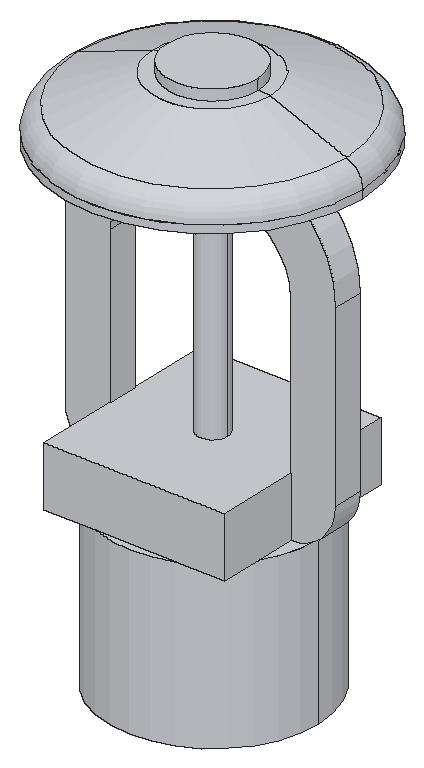
Revit family
Parameters (values of type "RASCO F156 UPRIGHT")
  URL = ""
  Temperature Rating = 200 °F
  Response = (empty or 0)
  RASCO SIN # = "RA1325"
  RASCO Part # = "F56U2B"
  Pressure Rating = "175 PSI"
  Pressure Class = (empty or 0)
  Orifice Size = 1/2"
  Orifice = (empty or 0)
  Model = "F156"
  Manufacturer = "RASCO"
  K-Factor = 5.6
  Description = "Bronze Finish"
  Coverage = (empty or 0)
Reference planes (in)
  plane 1 "Center (Front/Back)": y = 0
  plane 2: z = 0
  plane 3 "Center (Left/Right)": x = 0
Nested families (in)
  nested 1: "F56U2B" at (0, 0, 0), type "RASCO F156 UPRIGHT"
Connectors (in)
  piping at (0, 0, 0)
    settings: on nested 1, index 1, connector radius 55/128", flow factor 0, pipe flow 0 GPM, pressure drop 0.00 psi, fitting loss kfactor 0, connector angle 0.00°, fixture units 0, flow configuration 0, flow direction 0, fitting loss method 0, system type 7, connector reference index -1, connector utility 0, adjustable connector no, is connector primary yes, fitting loss table "", connector description ""
Definition of nested family "F56U2B"
  Parameters (values of type "RASCO F156 UPRIGHT")
    Type Comments = ""
    Temperature Rating = 0 °F
    Response = (empty or 0)
    Pressure Rating = "0"
    Pressure Class = (empty or 0)
    Orifice Size = 0"
    Orifice = (empty or 0)
    Model = ""
    Manufacturer = ""
    K-Factor = 0
    Description = ""
    Coverage = (empty or 0)
    Assembly Code = ""
  Reference planes (in)
    plane 1 "Center (Front/Back)": y = 0
    plane 2: z = 0
    plane 3 "ref.2": z = 0.6875
    plane 4 "ref.3": z = 0.9375
    plane 5: x = -0.38065
    plane 6: x = 0.36935
    plane 7 "ref. side 1": y = 0.06402
    plane 8 "ref. side 2": y = -0.06098
    plane 9 "ref.4": z = 1.875
    plane 10 "ref.5": z = 2.3125
    plane 11 "ref.6": z = 2.4375
  Forms (in)
    Extrusion 1, solid
      sketch origin (0, 0, 0) x (1, 0, 0) y (0, 1, 0)
        loop
          circle (0, 0) r 0.4375
      from 0 to 0.6875
    Extrusion 2, solid
      sketch origin (-0.12185, 0.05177, 0.6875) x (1, 0, 0) y (0, 1, 0)
        loop
          line (-0.2588, 0.356) -> (-0.2588, -0.4565) -> (0.4912, -0.4565) -> (0.4912, 0.356) -> (-0.2588, 0.356)
      from 0 to 0.25
    Extrusion 3, solid
      sketch origin (0, 0, 0) x (1, 0, 0) y (0, 0, 1)
        loop
          line (-0.38065, 0.68754) -> (-0.38065, 1.58397)
          arc (-0.38065, 1.58397) -> (-0.29541, 1.78976) -> (-0.08962, 1.875) r 0.29103
          line (-0.08962, 1.875) -> (0.07524, 1.875)
          arc (0.07524, 1.875) -> (0.28321, 1.78886) -> (0.36935, 1.58089) r 0.29411
          line (0.36935, 1.58089) -> (0.36935, 0.68751)
          arc (0.36935, 0.68751) -> (0.50207, 0.74393) -> (0.55685, 0.87734) r 0.18984
          line (0.55685, 0.87734) -> (0.55685, 1.61676)
          arc (0.55685, 1.61676) -> (0.42629, 1.93194) -> (0.11111, 2.0625) r 0.44574
          line (0.11111, 2.0625) -> (-0.12259, 2.0625)
          arc (-0.12259, 2.0625) -> (-0.43765, 1.932) -> (-0.56815, 1.61694) r 0.44556
          line (-0.56815, 1.61694) -> (-0.56815, 0.87876)
          arc (-0.56815, 0.87876) -> (-0.51345, 0.74486) -> (-0.38065, 0.68754) r 0.19126
      from -0.06402 to 0.06098
    Extrusion 4, solid
      sketch origin (0, 0, 0.9375) x (-1, 0, 0) y (0, -1, 0)
        loop
          circle (0.00574, -0.00152) r 0.0625
      from 0 to 0.9375
    Extrusion 5, solid
      sketch origin (0, 0, 1.875) x (-1, 0, 0) y (0, -1, 0)
        loop
          circle (0.00574, -0.00152) r 0.1875
      from 0 to 0.4375
    Revolve 6, solid
      sketch origin (0, 0, -0.31276) x (1, 0, 0) y (0, 0, 1)
        loop
          line (-0.19324, 2.33367) -> (-0.19324, 2.58367) -> (-0.24995, 2.58367) -> (-0.56395, 2.46314)
          arc (-0.56395, 2.46314) -> (-0.61243, 2.42492) -> (-0.63074, 2.36595) r 0.1041
          line (-0.63074, 2.36595) -> (-0.63074, 2.33367) -> (-0.19324, 2.33367)
        axis (-0.00574, 2.33367) -> (-0.00574, 2.58367)
      angle from 0 to 360
  Cuts and joins
    joined: Extrusion 1, Extrusion 2, Extrusion 4, Revolve 6
  Lines and regions (in)
    model lines
      curve 1: line (-0.00574, 0.06402, 1.875) -> (-0.00574, -0.06098, 1.875)
